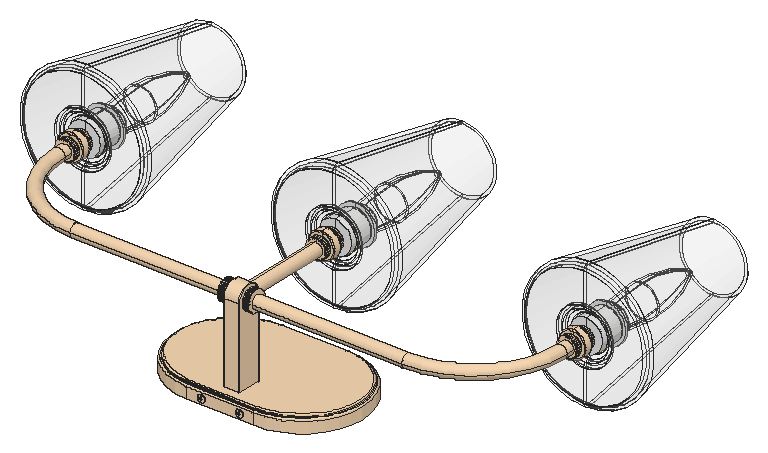
Revit family "Light_Fixture-Wall_Sconce-KOHLER-McGee-K-32257", category Lighting Fixtures, host Face, Revit 2021 (continued)
Definition of nested family "K-32257_Handle"
  Forms (in)
    Extrusion 25, solid, material <- "Material", detail levels medium+fine
      sketch origin (0, 9.52601, 0) x (0, -1, 0) y (0, 0, -1)
        loop
          arc (6.89368, -3.78646) -> (6.89859, -3.80276) -> (6.9042, -3.81884) r 0.3937
          line (6.9042, -3.81884) -> (6.94559, -3.82688) -> (6.92388, -3.86303)
          arc (6.92388, -3.86303) -> (6.93207, -3.87795) -> (6.9409, -3.89251) r 0.3937
          line (6.9409, -3.89251) -> (6.98306, -3.89177) -> (6.96933, -3.93164)
          arc (6.96933, -3.93164) -> (6.98045, -3.94454) -> (6.99211, -3.95694) r 0.3937
          line (6.99211, -3.95694) -> (7.03319, -3.94746) -> (7.02806, -3.98931)
          arc (7.02806, -3.98931) -> (7.04161, -3.99961) -> (7.0556, -4.00932) r 0.3937
          line (7.0556, -4.00932) -> (7.09381, -3.9915) -> (7.09749, -4.03351)
          arc (7.09749, -4.03351) -> (7.11289, -4.04077) -> (7.12859, -4.04735) r 0.3937
          line (7.12859, -4.04735) -> (7.16227, -4.02198) -> (7.17459, -4.0623)
          arc (7.17459, -4.0623) -> (7.19117, -4.0662) -> (7.2079, -4.06938) r 0.3937
          line (7.2079, -4.06938) -> (7.23556, -4.03756) -> (7.256, -4.07443)
          arc (7.256, -4.07443) -> (7.27302, -4.0748) -> (7.29005, -4.07443) r 0.3937
          line (7.29005, -4.07443) -> (7.31049, -4.03756) -> (7.33815, -4.06938)
          arc (7.33815, -4.06938) -> (7.35488, -4.0662) -> (7.37145, -4.0623) r 0.3937
          line (7.37145, -4.0623) -> (7.38378, -4.02198) -> (7.41745, -4.04735)
          arc (7.41745, -4.04735) -> (7.43316, -4.04077) -> (7.44856, -4.03351) r 0.3937
          line (7.44856, -4.03351) -> (7.45223, -3.9915) -> (7.49045, -4.00932)
          arc (7.49045, -4.00932) -> (7.50443, -3.99961) -> (7.51799, -3.98931) r 0.3937
          line (7.51799, -3.98931) -> (7.51285, -3.94746) -> (7.55394, -3.95694)
          arc (7.55394, -3.95694) -> (7.5656, -3.94454) -> (7.57672, -3.93164) r 0.3937
          line (7.57672, -3.93164) -> (7.56299, -3.89177) -> (7.60515, -3.89251)
          arc (7.60515, -3.89251) -> (7.61398, -3.87795) -> (7.62217, -3.86303) r 0.3937
          line (7.62217, -3.86303) -> (7.60045, -3.82688) -> (7.64184, -3.81884)
          arc (7.64184, -3.81884) -> (7.64745, -3.80276) -> (7.65236, -3.78646) r 0.3937
          line (7.65236, -3.78646) -> (7.62361, -3.75562) -> (7.66242, -3.73915)
          arc (7.66242, -3.73915) -> (7.66457, -3.72226) -> (7.66598, -3.70529) r 0.3937
      from 3.85884 to 3.67753
    Revolve 26, solid, material <- "Material", detail levels medium+fine
      sketch origin (0, 2.25299, 0) x (-1, 0, 0) y (0, 0, 1)
        loop
          line (-3.93758, 3.6811) -> (-0.26032, 3.6811) -> (-0.26032, 3.92855) -> (-3.93758, 3.92855) -> (-3.93758, 3.6811)
        axis (-3.93758, 3.6811) -> (-0.26032, 3.6811)
      angle from 0 to 360
    Revolve 27, solid, material <- "Material", detail levels coarse
      sketch origin (0, 2.25299, 0) x (-1, 0, 0) y (0, 0, 1)
        loop
          line (-0.02369, 3.6811) -> (-0.02369, 3.92891) -> (-4.31492, 3.92891) -> (-4.31492, 3.6811) -> (-0.02369, 3.6811)
        axis (-4.31492, 3.6811) -> (-0.02369, 3.6811)
      angle from 0 to 360
    Revolve 28, solid, material <- "Material", detail levels coarse
      sketch origin (0, 2.25299, 0) x (-1, 0, 0) y (0, 0, 1)
        loop
          line (-3.67753, 3.68447) -> (-3.67753, 4.19351) -> (-4.51179, 4.19351) -> (-4.51179, 3.68447) -> (-3.67753, 3.68447)
        axis (-3.67753, 3.68447) -> (-4.51179, 3.68447)
      angle from 0 to 360
    Revolve 29, solid, material <- "Material", detail levels coarse
      sketch origin (0, -7.60903, 0) x (-1, 0, 0) y (0, 0, 1)
        loop
          line (-3.67753, 3.68447) -> (-3.67753, 4.19351) -> (-4.51179, 4.19351) -> (-4.51179, 3.68447) -> (-3.67753, 3.68447)
        axis (-3.67753, 3.68447) -> (-4.51179, 3.68447)
      angle from 0 to 360
    Revolve 30, solid, material <- "Material", detail levels coarse
      sketch origin (0, 12.1139, 0) x (-1, 0, 0) y (0, 0, 1)
        loop
          line (-3.67753, 3.68447) -> (-3.67753, 4.19351) -> (-4.51179, 4.19351) -> (-4.51179, 3.68447) -> (-3.67753, 3.68447)
        axis (-3.67753, 3.68447) -> (-4.51179, 3.68447)
      angle from 0 to 360
    Revolve 31, solid, material <- "Material", detail levels coarse
      sketch origin (0, 0, 0) x (0, 1, 0) y (0, 0, 1)
        loop
          line (1.8816, 3.70121) -> (1.8816, 4.07743) -> (1.64723, 4.07743) -> (1.64723, 3.70121) -> (1.8816, 3.70121)
        axis (1.8816, 3.70121) -> (1.64723, 3.70121)
      angle from 0 to 360
    Revolve 32, solid, material <- "Material", detail levels coarse
      sketch origin (0, 0.98396, 0) x (0, 1, 0) y (0, 0, 1)
        loop
          line (1.8816, 3.70121) -> (1.8816, 4.07743) -> (1.64723, 4.07743) -> (1.64723, 3.70121) -> (1.8816, 3.70121)
        axis (1.8816, 3.70121) -> (1.64723, 3.70121)
      angle from 0 to 360
  Cuts and joins
    Extrusion 7, Extrusion 9, Extrusion 10, Extrusion 11 cuts Sweep 1
    Extrusion 7, Extrusion 9, Extrusion 10, Extrusion 11 cuts Extrusion 2
    joined: Sweep 1, Extrusion 2, Extrusion 5, Extrusion 6, Sweep 12, Revolve 13, Extrusion 14, Extrusion 15, Revolve 16, Extrusion 17, Extrusion 18, Revolve 23, Extrusion 24, Extrusion 25, Revolve 26
    Extrusion 7 cuts Revolve 3
    joined: Sweep 4, Extrusion 19
    joined: Extrusion 20, Extrusion 21, Sweep 22, Revolve 27, Revolve 28, Revolve 29, Revolve 30, Revolve 31, Revolve 32
  Lines and regions (in)
    Masking region 1
      outline origin (0, 0, 0) x (0, 1, 0) y (0, 0, 1)
        loop
          line (5.94375, 0) -> (5.94375, 0.43182)
          arc (5.94375, 0.43182) -> (5.92594, 0.47482) -> (5.88294, 0.49263) r 0.06081
          line (5.88294, 0.49263) -> (5.84546, 0.49263)
          arc (5.84546, 0.49263) -> (5.83153, 0.4984) -> (5.82576, 0.51233) r 0.0197
          line (5.82576, 0.51233) -> (5.82576, 0.5439)
          arc (5.82576, 0.5439) -> (5.8121, 0.57689) -> (5.77911, 0.59055) r 0.04665
          line (5.77911, 0.59055) -> (2.55086, 0.59055) -> (2.55086, 3.34036) -> (2.62956, 3.34036) -> (2.62956, 3.29151) -> (2.86582, 3.29151) -> (2.86582, 3.44028) -> (11.66278, 3.44028)
          arc (11.66278, 3.44028) -> (12.62687, 3.68447) -> (11.66278, 3.92866) r 0.51297
          line (11.66278, 3.92866) -> (2.86582, 3.92866) -> (2.86582, 4.07743) -> (2.62956, 4.07743) -> (2.62956, 4.02857) -> (2.55086, 4.02857) -> (2.55086, 4.19351) -> (2.25558, 4.19351) -> (1.96031, 4.19351) -> (1.96031, 4.02857) -> (1.8816, 4.02857) -> (1.8816, 4.07743) -> (1.64585, 4.07743) -> (1.64585, 3.92866) -> (-7.1579, 3.92866)
          arc (-7.1579, 3.92866) -> (-8.122, 3.68447) -> (-7.1579, 3.44028) r 0.51297
          line (-7.1579, 3.44028) -> (1.64585, 3.44028) -> (1.64585, 3.29151) -> (1.8816, 3.29151) -> (1.8816, 3.34036) -> (1.96031, 3.34036) -> (1.96031, 0.59055) -> (-0.76867, 0.59055) -> (-1.27313, 0.59055)
          arc (-1.27313, 0.59055) -> (-1.30611, 0.57689) -> (-1.31978, 0.5439) r 0.04665
          line (-1.31978, 0.5439) -> (-1.31978, 0.51233)
          arc (-1.31978, 0.51233) -> (-1.32555, 0.4984) -> (-1.33948, 0.49263) r 0.0197
          line (-1.33948, 0.49263) -> (-1.37695, 0.49263)
          arc (-1.37695, 0.49263) -> (-1.41995, 0.47482) -> (-1.43777, 0.43182) r 0.06081
          line (-1.43777, 0.43182) -> (-1.43777, 0) -> (2.25299, 0) -> (5.94375, 0)
    Masking region 2
      outline origin (0, 0, 0) x (1, 0, 0) y (0, 0, 1)
        loop
          line (3.75984, 0) -> (3.75984, 0.4327)
          arc (3.75984, 0.4327) -> (3.74211, 0.4755) -> (3.6993, 0.49324) r 0.06054
          line (3.6993, 0.49324) -> (3.66218, 0.49324)
          arc (3.66218, 0.49324) -> (3.6477, 0.49923) -> (3.64171, 0.51371) r 0.02047
          line (3.64171, 0.51371) -> (3.64171, 0.54444)
          arc (3.64171, 0.54444) -> (3.6281, 0.5773) -> (3.59524, 0.59091) r 0.04647
          line (3.59524, 0.59091) -> (0.49213, 0.59091) -> (0.49213, 3.44023) -> (3.67753, 3.44023) -> (3.67753, 3.29413) -> (3.85884, 3.29413) -> (3.85884, 3.34343) -> (3.93758, 3.34343) -> (3.93758, 3.19661)
          arc (3.93758, 3.19661) -> (3.94379, 3.18163) -> (3.95877, 3.17543) r 0.02118
          line (3.95877, 3.17543) -> (4.23073, 3.17543)
          arc (4.23073, 3.17543) -> (4.24533, 3.18147) -> (4.25138, 3.19607) r 0.02065
          line (4.25138, 3.19607) -> (4.25138, 3.34343) -> (4.33025, 3.34343) -> (4.33025, 3.29413) -> (4.51197, 3.29413) -> (4.51197, 3.68447) -> (4.51197, 4.0748) -> (4.33025, 4.0748) -> (4.33025, 4.02551) -> (4.25138, 4.02551) -> (4.25138, 4.17286)
          arc (4.25138, 4.17286) -> (4.24533, 4.18746) -> (4.23073, 4.19351) r 0.02065
          line (4.23073, 4.19351) -> (3.95877, 4.19351)
          arc (3.95877, 4.19351) -> (3.94379, 4.18731) -> (3.93758, 4.17233) r 0.02118
          line (3.93758, 4.17233) -> (3.93758, 4.02551) -> (3.85884, 4.02551) -> (3.85884, 4.0748) -> (3.67753, 4.0748) -> (3.67753, 3.9287) -> (0.42819, 3.9287)
          arc (0.42819, 3.9287) -> (-0.11931, 4.18024) -> (-0.49213, 3.70691) r 0.48688
          line (-0.49213, 3.70691) -> (-0.49213, 0.59091) -> (-0.83933, 0.59091)
          arc (-0.83933, 0.59091) -> (-0.87219, 0.5773) -> (-0.8858, 0.54444) r 0.04647
          line (-0.8858, 0.54444) -> (-0.8858, 0.51371)
          arc (-0.8858, 0.51371) -> (-0.8918, 0.49923) -> (-0.90628, 0.49324) r 0.02047
          line (-0.90628, 0.49324) -> (-0.9434, 0.49324)
          arc (-0.9434, 0.49324) -> (-0.98621, 0.4755) -> (-1.00394, 0.4327) r 0.06054
          line (-1.00394, 0.4327) -> (-1.00394, 0) -> (0, 0) -> (3.75984, 0)
    Masking region 3
      outline origin (1.37795, 2.25299, 0) x (1, 0, 0) y (0, 1, 0)
        loop
          arc (2.38189, 1.30887) -> (1.2208, 3.35412) -> (-1.13048, 3.40539) r 2.38189
          line (-1.13048, 3.40539) -> (-1.13048, 6.42464)
          arc (-1.13048, 6.42464) -> (-0.19651, 8.67945) -> (2.0583, 9.61343) r 3.18878
          line (2.0583, 9.61343) -> (2.29958, 9.61343) -> (2.29958, 9.46802) -> (2.48089, 9.46802) -> (2.48089, 9.51639) -> (2.55911, 9.51639) -> (2.55911, 9.3679)
          arc (2.55911, 9.3679) -> (2.56491, 9.35391) -> (2.5789, 9.34811) r 0.01979
          line (2.5789, 9.34811) -> (2.85232, 9.34811)
          arc (2.85232, 9.34811) -> (2.86731, 9.35432) -> (2.87351, 9.36931) r 0.0212
          line (2.87351, 9.36931) -> (2.87351, 9.51657) -> (2.95229, 9.51657) -> (2.95229, 9.46802) -> (3.13383, 9.46802) -> (3.13383, 10.25468) -> (2.95229, 10.25468) -> (2.95229, 10.20525) -> (2.8739, 10.20525) -> (2.8739, 10.35238)
          arc (2.8739, 10.35238) -> (2.86809, 10.3664) -> (2.85408, 10.3722) r 0.01982
          line (2.85408, 10.3722) -> (2.57933, 10.3722)
          arc (2.57933, 10.3722) -> (2.56503, 10.36628) -> (2.55911, 10.35198) r 0.02022
          line (2.55911, 10.35198) -> (2.55911, 10.20615) -> (2.48089, 10.20615) -> (2.48089, 10.25468) -> (2.29958, 10.25468) -> (2.29958, 10.10853) -> (2.01435, 10.10853)
          arc (2.01435, 10.10853) -> (-0.55936, 9.04247) -> (-1.62542, 6.46875) r 3.63978
          line (-1.62542, 6.46875) -> (-1.62542, 3.04996)
          arc (-1.62542, 3.04996) -> (-2.1846, 2.25803) -> (-2.38189, 1.30887) r 2.38189
          line (-2.38189, 1.30887) -> (-2.38189, -1.30842)
          arc (-2.38189, -1.30842) -> (-2.1846, -2.25758) -> (-1.62542, -3.04951) r 2.38189
          line (-1.62542, -3.04951) -> (-1.62542, -6.46875)
          arc (-1.62542, -6.46875) -> (-0.55936, -9.04247) -> (2.01435, -10.10853) r 3.63978
          line (2.01435, -10.10853) -> (2.29958, -10.10853) -> (2.29958, -10.25468) -> (2.48089, -10.25468) -> (2.48089, -10.20615) -> (2.55911, -10.20615) -> (2.55911, -10.35198)
          arc (2.55911, -10.35198) -> (2.56503, -10.36628) -> (2.57933, -10.3722) r 0.02022
          line (2.57933, -10.3722) -> (2.85408, -10.3722)
          arc (2.85408, -10.3722) -> (2.86809, -10.3664) -> (2.8739, -10.35238) r 0.01982
          line (2.8739, -10.35238) -> (2.8739, -10.20525) -> (2.95229, -10.20525) -> (2.95229, -10.25468) -> (3.13383, -10.25468) -> (3.13383, -9.46802) -> (2.95229, -9.46802) -> (2.95229, -9.51657) -> (2.87351, -9.51657) -> (2.87351, -9.36931)
          arc (2.87351, -9.36931) -> (2.86731, -9.35432) -> (2.85232, -9.34811) r 0.0212
          line (2.85232, -9.34811) -> (2.5789, -9.34811)
          arc (2.5789, -9.34811) -> (2.56491, -9.35391) -> (2.55911, -9.3679) r 0.01979
          line (2.55911, -9.3679) -> (2.55911, -9.51639) -> (2.48089, -9.51639) -> (2.48089, -9.46802) -> (2.29958, -9.46802) -> (2.29958, -9.61343) -> (2.0583, -9.61343)
          arc (2.0583, -9.61343) -> (-0.19651, -8.67945) -> (-1.13048, -6.42464) r 3.18878
          line (-1.13048, -6.42464) -> (-1.13048, -3.40494)
          arc (-1.13048, -3.40494) -> (1.2208, -3.35367) -> (2.38189, -1.30842) r 2.38189
          line (2.38189, -1.30842) -> (2.38189, -0.39266) -> (2.48089, -0.39266) -> (2.48089, -0.34413) -> (2.55911, -0.34413) -> (2.55911, -0.48997)
          arc (2.55911, -0.48997) -> (2.56503, -0.50426) -> (2.57933, -0.51018) r 0.02022
          line (2.57933, -0.51018) -> (2.85408, -0.51018)
          arc (2.85408, -0.51018) -> (2.86809, -0.50438) -> (2.8739, -0.49036) r 0.01982
          line (2.8739, -0.49036) -> (2.8739, -0.34323) -> (2.95229, -0.34323) -> (2.95229, -0.39266) -> (3.13383, -0.39266) -> (3.13383, 0.394) -> (2.95229, 0.394) -> (2.95229, 0.34545) -> (2.87351, 0.34545) -> (2.87351, 0.49271)
          arc (2.87351, 0.49271) -> (2.86731, 0.5077) -> (2.85232, 0.51391) r 0.0212
          line (2.85232, 0.51391) -> (2.5789, 0.51391)
          arc (2.5789, 0.51391) -> (2.56491, 0.50811) -> (2.55911, 0.49412) r 0.01979
          line (2.55911, 0.49412) -> (2.55911, 0.34563) -> (2.48089, 0.34563) -> (2.48089, 0.394) -> (2.38189, 0.394) -> (2.38189, 1.30887)
    symbolic lines, detail levels medium+fine
      curve 1: line (0, 1.64533, 3.92944) -> (0, 1.64533, 3.40356)
      curve 2: line (0, 1.8816, 3.31565) -> (0, 1.8816, 4.03362)
      curve 3: line (0, 1.96031, 4.02857) -> (0, 1.96031, 3.34036)
      curve 4: line (0, 2.62956, 4.03362) -> (0, 2.62956, 3.31565)
      curve 5: line (0, 2.55086, 3.34036) -> (0, 2.55086, 4.02857)
      curve 6: line (0, 2.54827, 0.59055) -> (0, 1.96031, 0.59055)
      curve 7: line (0, 5.84749, 0.49263) -> (0, -1.33948, 0.49263)
      curve 8: line (0, 2.86582, 4.03362) -> (0, 2.62956, 4.03362)
      curve 9: line (0, 2.86582, 4.01659) -> (0, 2.62956, 4.01659)
      curve 10: line (0, 2.86582, 3.96538) -> (0, 2.62956, 3.96538)
      curve 11: line (0, 2.86582, 3.92944) -> (0, 2.62956, 3.92944)
      curve 12: line (0, 2.86582, 3.90189) -> (0, 2.62956, 3.90189)
      curve 13: line (0, 2.86582, 3.86) -> (0, 2.62956, 3.86)
      curve 14: line (0, 2.86582, 3.8289) -> (0, 2.62956, 3.8289)
      curve 15: line (0, 2.86582, 3.7829) -> (0, 2.62956, 3.7829)
      curve 16: line (0, 2.86582, 3.7496) -> (0, 2.62956, 3.7496)
      curve 17: line (0, 2.86582, 3.70149) -> (0, 2.62956, 3.70149)
      curve 18: line (0, 2.86582, 3.72193) -> (0, 2.62956, 3.72193)
      curve 19: line (0, 2.86582, 3.79523) -> (0, 2.62956, 3.79523)
      curve 20: line (0, 2.86582, 3.98816) -> (0, 2.62956, 3.98816)
      curve 21: line (0, 2.86582, 4.05329) -> (0, 2.62956, 4.05329)
      curve 22: line (0, 2.86582, 3.33532) -> (0, 2.62956, 3.33532)
      curve 23: line (0, 2.86582, 3.35234) -> (0, 2.62956, 3.35234)
      curve 24: line (0, 2.86582, 3.40356) -> (0, 2.62956, 3.40356)
      curve 25: line (0, 2.86582, 3.4395) -> (0, 2.62956, 3.4395)
      curve 26: line (0, 2.86582, 3.46705) -> (0, 2.62956, 3.46705)
      curve 27: line (0, 2.86582, 3.50893) -> (0, 2.62956, 3.50893)
      curve 28: line (0, 2.86582, 3.54004) -> (0, 2.62956, 3.54004)
      curve 29: line (0, 2.86582, 3.58604) -> (0, 2.62956, 3.58604)
      curve 30: line (0, 2.86582, 3.61934) -> (0, 2.62956, 3.61934)
      curve 31: line (0, 2.86582, 3.66745) -> (0, 2.62956, 3.66745)
      curve 32: line (0, 2.86582, 3.647) -> (0, 2.62956, 3.647)
      curve 33: line (0, 2.86582, 3.57371) -> (0, 2.62956, 3.57371)
      curve 34: line (0, 2.86582, 3.38077) -> (0, 2.62956, 3.38077)
      curve 35: line (0, 2.86582, 3.31565) -> (0, 2.62956, 3.31565)
      curve 36: line (0, 2.86582, 4.06381) -> (0, 2.62956, 4.06381)
      curve 37: line (0, 1.8816, 4.03362) -> (0, 1.8816, 3.31565)
      curve 38: line (0, 1.64534, 4.03362) -> (0, 1.8816, 4.03362)
      curve 39: line (0, 1.64534, 4.01659) -> (0, 1.8816, 4.01659)
      curve 40: line (0, 1.64534, 3.96538) -> (0, 1.8816, 3.96538)
      curve 41: line (0, 1.64533, 3.92944) -> (0, 1.8816, 3.92944)
      curve 42: line (0, 1.64534, 3.90189) -> (0, 1.8816, 3.90189)
      curve 43: line (0, 1.64533, 3.86) -> (0, 1.8816, 3.86)
      curve 44: line (0, 1.64533, 3.8289) -> (0, 1.8816, 3.8289)
      curve 45: line (0, 1.64533, 3.7829) -> (0, 1.8816, 3.7829)
      curve 46: line (0, 1.64533, 3.7496) -> (0, 1.8816, 3.7496)
      curve 47: line (0, 1.64533, 3.70149) -> (0, 1.8816, 3.70149)
      curve 48: line (0, 1.64533, 3.72193) -> (0, 1.8816, 3.72193)
      curve 49: line (0, 1.64533, 3.79523) -> (0, 1.8816, 3.79523)
      curve 50: line (0, 1.64534, 3.98816) -> (0, 1.8816, 3.98816)
      curve 51: line (0, 1.64534, 4.05329) -> (0, 1.8816, 4.05329)
      curve 52: line (0, 1.64534, 3.33532) -> (0, 1.8816, 3.33532)
      curve 53: line (0, 1.64534, 3.35234) -> (0, 1.8816, 3.35234)
      curve 54: line (0, 1.64533, 3.40356) -> (0, 1.8816, 3.40356)
      curve 55: line (0, 1.64533, 3.4395) -> (0, 1.8816, 3.4395)
      curve 56: line (0, 1.64533, 3.46705) -> (0, 1.8816, 3.46705)
      curve 57: line (0, 1.64533, 3.50893) -> (0, 1.8816, 3.50893)
      curve 58: line (0, 1.64533, 3.54004) -> (0, 1.8816, 3.54004)
      curve 59: line (0, 1.64533, 3.58604) -> (0, 1.8816, 3.58604)
      curve 60: line (0, 1.64533, 3.61934) -> (0, 1.8816, 3.61934)
      curve 61: line (0, 1.64533, 3.66745) -> (0, 1.8816, 3.66745)
      curve 62: line (0, 1.64533, 3.647) -> (0, 1.8816, 3.647)
      curve 63: line (0, 1.64533, 3.57371) -> (0, 1.8816, 3.57371)
      curve 64: line (0, 1.64534, 3.38077) -> (0, 1.8816, 3.38077)
      curve 65: line (0, 1.64534, 3.31565) -> (0, 1.8816, 3.31565)
      curve 66: line (0, 1.64534, 4.06381) -> (0, 1.8816, 4.06381)
      curve 67: line (0.49213, 0, 0.59091) -> (-0.49213, 0, 0.59091)
      curve 68: line (3.6993, 0, 0.49324) -> (-0.9434, 0, 0.49324)
      curve 69: arc (0.13774, 0, 4.05329) -> (0.12166, 0, 4.0589) -> (0.10536, 0, 4.06381) r 0.3937
      curve 70: line (0.10536, 0, 4.06381) -> (0.07452, 0, 4.03505)
      curve 71: line (0.07452, 0, 4.03505) -> (0.05804, 0, 4.07387)
      curve 72: arc (0.05804, 0, 4.07387) -> (0.04115, 0, 4.07601) -> (0.02418, 0, 4.07743) r 0.3937
      curve 73: line (0.02418, 0, 4.07743) -> (0, 0, 4.04289)
      curve 74: line (0, 0, 4.04289) -> (-0.02418, 0, 4.07743)
      curve 75: line (-0.05804, 0, 4.07387) -> (-0.07452, 0, 4.03505)
      curve 76: arc (-0.02418, 0, 4.07743) -> (-0.04115, 0, 4.07601) -> (-0.05804, 0, 4.07387) r 0.3937
      curve 77: line (-0.07452, 0, 4.03505) -> (-0.10536, 0, 4.06381)
      curve 78: arc (-0.10536, 0, 4.06381) -> (-0.12166, 0, 4.0589) -> (-0.13774, 0, 4.05329) r 0.3937
      curve 79: line (-0.13774, 0, 4.05329) -> (-0.14578, 0, 4.0119)
      curve 80: line (-0.14578, 0, 4.0119) -> (-0.18192, 0, 4.03362)
      curve 81: arc (-0.18192, 0, 4.03362) -> (-0.19685, 0, 4.02542) -> (-0.21141, 0, 4.01659) r 0.3937
      curve 82: line (-0.21141, 0, 4.01659) -> (-0.21067, 0, 3.97443)
      curve 83: line (-0.21067, 0, 3.97443) -> (-0.25054, 0, 3.98816)
      curve 84: arc (-0.25054, 0, 3.98816) -> (-0.26344, 0, 3.97705) -> (-0.27584, 0, 3.96538) r 0.3937
      curve 85: line (-0.27584, 0, 3.96538) -> (-0.26636, 0, 3.9243)
      curve 86: line (-0.26636, 0, 3.9243) -> (-0.30821, 0, 3.92944)
      curve 87: arc (-0.30821, 0, 3.92944) -> (-0.31851, 0, 3.91588) -> (-0.32822, 0, 3.90189) r 0.3937
      curve 88: line (-0.32822, 0, 3.90189) -> (-0.3104, 0, 3.86368)
      curve 89: line (-0.3104, 0, 3.86368) -> (-0.3524, 0, 3.86)
      curve 90: arc (-0.3524, 0, 3.86) -> (-0.35966, 0, 3.8446) -> (-0.36625, 0, 3.8289) r 0.3937
      curve 91: line (-0.36625, 0, 3.8289) -> (-0.34088, 0, 3.79523)
      curve 92: line (-0.34088, 0, 3.79523) -> (-0.3812, 0, 3.7829)
      curve 93: arc (-0.3812, 0, 3.7829) -> (-0.3851, 0, 3.76632) -> (-0.38828, 0, 3.7496) r 0.3937
      curve 94: line (-0.38828, 0, 3.7496) -> (-0.35645, 0, 3.72193)
      curve 95: line (-0.35645, 0, 3.72193) -> (-0.39333, 0, 3.70149)
      curve 96: arc (-0.39333, 0, 3.70149) -> (-0.3937, 0, 3.68447) -> (-0.39333, 0, 3.66745) r 0.3937
      curve 97: line (-0.39333, 0, 3.66745) -> (-0.35645, 0, 3.647)
      curve 98: line (-0.35645, 0, 3.647) -> (-0.38828, 0, 3.61934)
      curve 99: arc (-0.38828, 0, 3.61934) -> (-0.3851, 0, 3.60261) -> (-0.3812, 0, 3.58604) r 0.3937
      curve 100: line (-0.3812, 0, 3.58604) -> (-0.34088, 0, 3.57371)
      curve 101: line (-0.34088, 0, 3.57371) -> (-0.36625, 0, 3.54004)
      curve 102: arc (-0.36625, 0, 3.54004) -> (-0.35966, 0, 3.52434) -> (-0.3524, 0, 3.50893) r 0.3937
      curve 103: line (-0.3524, 0, 3.50893) -> (-0.3104, 0, 3.50526)
      curve 104: line (-0.3104, 0, 3.50526) -> (-0.32822, 0, 3.46705)
      curve 105: arc (-0.32822, 0, 3.46705) -> (-0.31851, 0, 3.45306) -> (-0.30821, 0, 3.4395) r 0.3937
      curve 106: line (-0.30821, 0, 3.4395) -> (-0.26636, 0, 3.44464)
      curve 107: line (-0.26636, 0, 3.44464) -> (-0.27584, 0, 3.40356)
      curve 108: arc (-0.27584, 0, 3.40356) -> (-0.26344, 0, 3.39189) -> (-0.25054, 0, 3.38077) r 0.3937
      curve 109: line (-0.25054, 0, 3.38077) -> (-0.21067, 0, 3.3945)
      curve 110: line (-0.21067, 0, 3.3945) -> (-0.21141, 0, 3.35234)
      curve 111: arc (-0.21141, 0, 3.35234) -> (-0.19685, 0, 3.34351) -> (-0.18192, 0, 3.33532) r 0.3937
      curve 112: line (-0.18192, 0, 3.33532) -> (-0.14578, 0, 3.35704)
      curve 113: line (-0.14578, 0, 3.35704) -> (-0.13774, 0, 3.31565)
      curve 114: arc (-0.13774, 0, 3.31565) -> (-0.12166, 0, 3.31004) -> (-0.10536, 0, 3.30513) r 0.3937
      curve 115: line (-0.10536, 0, 3.30513) -> (-0.07452, 0, 3.33388)
      curve 116: line (-0.07452, 0, 3.33388) -> (-0.05804, 0, 3.29507)
      curve 117: arc (-0.05804, 0, 3.29507) -> (-0.04115, 0, 3.29292) -> (-0.02418, 0, 3.29151) r 0.3937
      curve 118: line (-0.02418, 0, 3.29151) -> (0, 0, 3.32605)
      curve 119: line (0, 0, 3.32605) -> (0.02418, 0, 3.29151)
      curve 120: arc (0.02418, 0, 3.29151) -> (0.04115, 0, 3.29292) -> (0.05804, 0, 3.29507) r 0.3937
      curve 121: line (0.05804, 0, 3.29507) -> (0.07452, 0, 3.33388)
      curve 122: line (0.07452, 0, 3.33388) -> (0.10536, 0, 3.30513)
      curve 123: line (0.13774, 0, 3.31565) -> (0.14578, 0, 3.35704)
      curve 124: arc (0.10536, 0, 3.30513) -> (0.12166, 0, 3.31004) -> (0.13774, 0, 3.31565) r 0.3937
      curve 125: line (0.14578, 0, 3.35704) -> (0.18192, 0, 3.33532)
      curve 126: arc (0.18192, 0, 3.33532) -> (0.19685, 0, 3.34351) -> (0.21141, 0, 3.35234) r 0.3937
      curve 127: line (0.21141, 0, 3.35234) -> (0.21067, 0, 3.3945)
      curve 128: line (0.21067, 0, 3.3945) -> (0.25054, 0, 3.38077)
      curve 129: arc (0.25054, 0, 3.38077) -> (0.26344, 0, 3.39189) -> (0.27584, 0, 3.40356) r 0.3937
      curve 130: line (0.27584, 0, 3.40356) -> (0.26636, 0, 3.44464)
      curve 131: line (0.14578, 0, 4.0119) -> (0.13774, 0, 4.05329)
      curve 132: line (0.18192, 0, 4.03362) -> (0.14578, 0, 4.0119)
      curve 133: arc (0.21141, 0, 4.01659) -> (0.19685, 0, 4.02542) -> (0.18192, 0, 4.03362) r 0.3937
      curve 134: line (0.21067, 0, 3.97443) -> (0.21141, 0, 4.01659)
      curve 135: line (0.25054, 0, 3.98816) -> (0.21067, 0, 3.97443)
      curve 136: arc (0.2752, 0, 3.96601) -> (0.2631, 0, 3.97735) -> (0.25054, 0, 3.98816) r 0.3937
      curve 137: arc (3.56299, 3.56186, 0) -> (2.45132, 5.46509, 0) -> (0.24747, 5.43173, 0) r 2.18504
      curve 138: line (-0.80709, 3.56186, 0) -> (-0.80709, 0.94457, 0)
      curve 139: arc (-0.80709, 0.94457, 0) -> (-0.66235, 0.16254, 0) -> (-0.2473, -0.51589, 0) r 2.18504
      curve 140: line (3.56299, 0.94457, 0) -> (3.56299, 1.99262, 0)
      curve 141: line (-0.49213, 1.95772, 0) -> (0.49213, 1.95772, 0)
      curve 142: line (-0.24747, -0.79652, 0) -> (-0.24596, 1.64274, 0)
      curve 143: line (0.24747, -1.15195, 0) -> (0.24596, 1.64274, 0)
      curve 144: line (-0.3937, 1.64274, 0) -> (0.39333, 1.64274, 0)
      curve 145: line (0.39333, 1.87901, 0) -> (-0.3937, 1.87901, 0)
      curve 146: line (-0.3937, 1.87901, 0) -> (-0.3937, 1.64274, 0)
      curve 147: line (0.39333, 1.87901, 0) -> (0.39333, 1.64274, 0)
      curve 148: line (-0.49213, 2.54827, 0) -> (0.49213, 2.54827, 0)
      curve 149: line (-0.49213, 2.54827, 0) -> (-0.49213, 1.95772, 0)
      curve 150: line (0.49213, 2.54827, 0) -> (0.49213, 1.95772, 0)
      curve 151: line (0.34459, 1.95772, 0) -> (0.34459, 1.87901, 0)
      curve 152: line (-0.34517, 1.95772, 0) -> (-0.34517, 1.87901, 0)
      curve 153: line (-0.3937, 2.86323, 0) -> (0.3937, 2.86323, 0)
      curve 154: line (0.3937, 2.62697, 0) -> (-0.3937, 2.62697, 0)
      curve 155: line (-0.3937, 2.62697, 0) -> (-0.3937, 2.86323, 0)
      curve 156: line (0.3937, 2.62697, 0) -> (0.3937, 2.86323, 0)
      curve 157: line (-0.34552, 2.54827, 0) -> (-0.34552, 2.62697, 0)
      curve 158: line (0.34288, 2.54827, 0) -> (0.34288, 2.62697, 0)
      curve 159: line (-0.3812, 2.86323, 0) -> (-0.3812, 2.62697, 0)
      curve 160: line (-0.36625, 2.86323, 0) -> (-0.36625, 2.62697, 0)
      curve 161: line (-0.3524, 2.86323, 0) -> (-0.3524, 2.62697, 0)
      curve 162: line (-0.32822, 2.86323, 0) -> (-0.32822, 2.62697, 0)
      curve 163: line (-0.30821, 2.86323, 0) -> (-0.30821, 2.62697, 0)
      curve 164: line (-0.27584, 2.86323, 0) -> (-0.27584, 2.62697, 0)
      curve 165: line (-0.25054, 2.86323, 0) -> (-0.25054, 2.62697, 0)
      curve 166: line (-0.21141, 2.86323, 0) -> (-0.21141, 2.62697, 0)
      curve 167: line (-0.18192, 2.86323, 0) -> (-0.18192, 2.62697, 0)
      curve 168: line (-0.14578, 2.86323, 0) -> (-0.14578, 2.62697, 0)
      curve 169: line (-0.13774, 2.86323, 0) -> (-0.13774, 2.62697, 0)
      curve 170: line (-0.10536, 2.86323, 0) -> (-0.10536, 2.62697, 0)
      curve 171: line (-0.07452, 2.86323, 0) -> (-0.07452, 2.62697, 0)
      curve 172: line (-0.05804, 2.62697, 0) -> (-0.05804, 2.86323, 0)
      curve 173: line (-0.02418, 2.86323, 0) -> (-0.02418, 2.62697, 0)
      curve 174: line (0.3937, 2.62697, 0) -> (0.3937, 2.86323, 0)
      curve 175: line (0.3812, 2.86323, 0) -> (0.3812, 2.62697, 0)
      curve 176: line (0.36625, 2.86323, 0) -> (0.36625, 2.62697, 0)
      curve 177: line (0.3524, 2.86323, 0) -> (0.3524, 2.62697, 0)
      curve 178: line (0.32822, 2.86323, 0) -> (0.32822, 2.62697, 0)
      curve 179: line (0.30821, 2.86323, 0) -> (0.30821, 2.62697, 0)
      curve 180: line (0.27584, 2.86323, 0) -> (0.27584, 2.62697, 0)
      curve 181: line (0.25054, 2.86323, 0) -> (0.25054, 2.62697, 0)
      curve 182: line (0.21141, 2.86323, 0) -> (0.21141, 2.62697, 0)
      curve 183: line (0.18192, 2.86323, 0) -> (0.18192, 2.62697, 0)
      curve 184: line (0.14578, 2.86323, 0) -> (0.14578, 2.62697, 0)
      curve 185: line (0.13774, 2.86323, 0) -> (0.13774, 2.62697, 0)
      curve 186: line (0.10536, 2.86323, 0) -> (0.10536, 2.62697, 0)
      curve 187: line (0.07452, 2.86323, 0) -> (0.07452, 2.62697, 0)
      curve 188: line (0.05804, 2.62697, 0) -> (0.05804, 2.86323, 0)
      curve 189: line (0.02418, 2.86323, 0) -> (0.02418, 2.62697, 0)
      curve 190: line (0, 2.86323, 0) -> (0, 2.62697, 0)
      curve 191: line (-0.3812, 1.87901, 0) -> (-0.3812, 1.64274, 0)
      curve 192: line (-0.36625, 1.87901, 0) -> (-0.36625, 1.64274, 0)
      curve 193: line (-0.3524, 1.87901, 0) -> (-0.3524, 1.64274, 0)
      curve 194: line (-0.32822, 1.87901, 0) -> (-0.32822, 1.64274, 0)
      curve 195: line (-0.30821, 1.87901, 0) -> (-0.30821, 1.64274, 0)
      curve 196: line (-0.27584, 1.87901, 0) -> (-0.27584, 1.64274, 0)
      curve 197: line (-0.25054, 1.87901, 0) -> (-0.25054, 1.64274, 0)
      curve 198: line (-0.21141, 1.87901, 0) -> (-0.21141, 1.64274, 0)
      curve 199: line (-0.18192, 1.87901, 0) -> (-0.18192, 1.64274, 0)
      curve 200: line (-0.14578, 1.87901, 0) -> (-0.14578, 1.64274, 0)
      curve 201: line (-0.13774, 1.87901, 0) -> (-0.13774, 1.64274, 0)
      curve 202: line (-0.10536, 1.87901, 0) -> (-0.10536, 1.64274, 0)
      curve 203: line (-0.07452, 1.87901, 0) -> (-0.07452, 1.64274, 0)
      curve 204: line (-0.05804, 1.64274, 0) -> (-0.05804, 1.87901, 0)
      curve 205: line (-0.02418, 1.87901, 0) -> (-0.02418, 1.64274, 0)
      curve 206: line (0, 1.87901, 0) -> (0, 1.64274, 0)
      curve 207: line (0.3812, 1.87901, 0) -> (0.3812, 1.64274, 0)
      curve 208: line (0.36625, 1.87901, 0) -> (0.36625, 1.64274, 0)
      curve 209: line (0.3524, 1.87901, 0) -> (0.3524, 1.64274, 0)
      curve 210: line (0.32822, 1.87901, 0) -> (0.32822, 1.64274, 0)
      curve 211: line (0.30821, 1.87901, 0) -> (0.30821, 1.64274, 0)
      curve 212: line (0.27584, 1.87901, 0) -> (0.27584, 1.64274, 0)
      curve 213: line (0.25054, 1.87901, 0) -> (0.25054, 1.64274, 0)
      curve 214: line (0.21141, 1.87901, 0) -> (0.21141, 1.64274, 0)
      curve 215: line (0.18192, 1.87901, 0) -> (0.18192, 1.64274, 0)
      curve 216: line (0.14578, 1.87901, 0) -> (0.14578, 1.64274, 0)
      curve 217: line (0.13774, 1.87901, 0) -> (0.13774, 1.64274, 0)
      curve 218: line (0.10536, 1.87901, 0) -> (0.10536, 1.64274, 0)
      curve 219: line (0.07452, 1.87901, 0) -> (0.07452, 1.64274, 0)
      curve 220: line (0.05804, 1.64274, 0) -> (0.05804, 1.87901, 0)
      curve 221: line (0.02418, 1.87901, 0) -> (0.02418, 1.64274, 0)
      curve 222: line (3.93706, 12.45915, 0) -> (3.93706, 11.76938, 0)
      curve 223: line (4.25185, 12.45824, 0) -> (4.25147, 11.76956, 0)
      curve 224: line (4.33025, 12.46312, 0) -> (4.33025, 11.76482, 0)
      curve 225: line (3.85884, 11.76482, 0) -> (3.85884, 12.46312, 0)
      curve 226: line (3.67753, 12.37434, 0) -> (3.67753, 11.8536, 0)
      curve 227: line (-0.24747, 2.86323, 0) -> (-0.24747, 5.30295, 0)
      curve 228: line (0.24747, 2.86323, 0) -> (0.24747, 5.65838, 0)
      curve 229: arc (-0.24747, 5.02213, 0) -> (-0.66239, 4.34378, 0) -> (-0.80709, 3.56186, 0) r 2.18504
      curve 230: line (3.67753, 12.48279, 0) -> (3.85884, 12.48279, 0)
      curve 231: line (3.67753, 12.46312, 0) -> (3.85884, 12.46312, 0)
      curve 232: line (3.67753, 12.4461, 0) -> (3.85884, 12.4461, 0)
      curve 233: line (3.67753, 12.41767, 0) -> (3.85884, 12.41767, 0)
      curve 234: line (3.67753, 12.39488, 0) -> (3.85884, 12.39488, 0)
      curve 235: line (3.67753, 12.35894, 0) -> (3.85884, 12.35894, 0)
      curve 236: line (3.67753, 12.33139, 0) -> (3.85884, 12.33139, 0)
      curve 237: line (3.67753, 12.29318, 0) -> (3.85884, 12.29318, 0)
      curve 238: line (3.67753, 12.2584, 0) -> (3.85884, 12.2584, 0)
      curve 239: line (3.67753, 12.22473, 0) -> (3.85884, 12.22473, 0)
      curve 240: line (3.67753, 12.2124, 0) -> (3.85884, 12.2124, 0)
      curve 241: line (3.67753, 12.1791, 0) -> (3.85884, 12.1791, 0)
      curve 242: line (3.67753, 12.15144, 0) -> (3.85884, 12.15144, 0)
      curve 243: line (3.67753, 12.13099, 0) -> (3.85884, 12.13099, 0)
      curve 244: line (3.67753, 12.09695, 0) -> (3.85884, 12.09695, 0)
      curve 245: line (3.67753, 12.07651, 0) -> (3.85884, 12.07651, 0)
      curve 246: line (3.67753, 12.04884, 0) -> (3.85884, 12.04884, 0)
      curve 247: line (3.67753, 12.01554, 0) -> (3.85884, 12.01554, 0)
      curve 248: line (3.67753, 12.00321, 0) -> (3.85884, 12.00321, 0)
      curve 249: line (3.67753, 11.96954, 0) -> (3.85884, 11.96954, 0)
      curve 250: line (3.67753, 11.93844, 0) -> (3.85884, 11.93844, 0)
      curve 251: line (3.67753, 11.89655, 0) -> (3.85884, 11.89655, 0)
      curve 252: line (3.67753, 11.869, 0) -> (3.85884, 11.869, 0)
      curve 253: line (3.67753, 11.83306, 0) -> (3.85884, 11.83306, 0)
      curve 254: line (3.67753, 11.81028, 0) -> (3.85884, 11.81028, 0)
      curve 255: line (3.67753, 11.78185, 0) -> (3.85884, 11.78185, 0)
      curve 256: line (3.67753, 11.76482, 0) -> (3.85884, 11.76482, 0)
      curve 257: line (3.67753, 11.74515, 0) -> (3.85884, 11.74515, 0)
      curve 258: line (4.51179, 12.37434, 0) -> (4.51179, 11.8536, 0)
      curve 259: line (4.51179, 12.48279, 0) -> (4.33047, 12.48279, 0)
      curve 260: line (4.51179, 12.46312, 0) -> (4.33025, 12.46312, 0)
      curve 261: line (4.51179, 12.4461, 0) -> (4.33025, 12.4461, 0)
      curve 262: line (4.51179, 12.41767, 0) -> (4.33025, 12.41767, 0)
      curve 263: line (4.51179, 12.39488, 0) -> (4.33025, 12.39488, 0)
      curve 264: line (4.51179, 12.35894, 0) -> (4.33025, 12.35894, 0)
      curve 265: line (4.51179, 12.33139, 0) -> (4.33025, 12.33139, 0)
      curve 266: line (4.51179, 12.29318, 0) -> (4.33025, 12.29318, 0)
      curve 267: line (4.51179, 12.2584, 0) -> (4.33025, 12.2584, 0)
      curve 268: line (4.51179, 12.22473, 0) -> (4.33025, 12.22473, 0)
      curve 269: line (4.51179, 12.2124, 0) -> (4.33025, 12.2124, 0)
      curve 270: line (4.51179, 12.1791, 0) -> (4.33025, 12.1791, 0)
      curve 271: line (4.51179, 12.15144, 0) -> (4.33025, 12.15144, 0)
      curve 272: line (4.51179, 12.13099, 0) -> (4.33025, 12.13099, 0)
      curve 273: line (4.51179, 12.09695, 0) -> (4.33025, 12.09695, 0)
      curve 274: line (4.51179, 12.07651, 0) -> (4.33025, 12.07651, 0)
      curve 275: line (4.51179, 12.04884, 0) -> (4.33025, 12.04884, 0)
      curve 276: line (4.51179, 12.01554, 0) -> (4.33025, 12.01554, 0)
      curve 277: line (4.51179, 12.00321, 0) -> (4.33025, 12.00321, 0)
      curve 278: line (4.51179, 11.96954, 0) -> (4.33025, 11.96954, 0)
      curve 279: line (4.51179, 11.93844, 0) -> (4.33025, 11.93844, 0)
      curve 280: line (4.51179, 11.89655, 0) -> (4.33025, 11.89655, 0)
      curve 281: line (4.51179, 11.869, 0) -> (4.33025, 11.869, 0)
      curve 282: line (4.51179, 11.83306, 0) -> (4.33025, 11.83306, 0)
      curve 283: line (4.51179, 11.81028, 0) -> (4.33025, 11.81028, 0)
      curve 284: line (4.51179, 11.78185, 0) -> (4.33025, 11.78185, 0)
      curve 285: line (4.51179, 11.76482, 0) -> (4.33025, 11.76482, 0)
      curve 286: line (4.51179, 11.74515, 0) -> (4.33047, 11.74515, 0)
      curve 287: line (3.93706, -7.9542, 0) -> (3.93706, -7.26444, 0)
      curve 288: line (4.25185, -7.95329, 0) -> (4.25147, -7.26462, 0)
      curve 289: line (4.33025, -7.95817, 0) -> (4.33025, -7.25988, 0)
      curve 290: line (3.85884, -7.25988, 0) -> (3.85884, -7.95817, 0)
      curve 291: line (3.67753, -7.8694, 0) -> (3.67753, -7.34866, 0)
      curve 292: line (3.67753, -7.97785, 0) -> (3.85884, -7.97785, 0)
      curve 293: line (3.67753, -7.95817, 0) -> (3.85884, -7.95817, 0)
      curve 294: line (3.67753, -7.94115, 0) -> (3.85884, -7.94115, 0)
      curve 295: line (3.67753, -7.91272, 0) -> (3.85884, -7.91272, 0)
      curve 296: line (3.67753, -7.88994, 0) -> (3.85884, -7.88994, 0)
      curve 297: line (3.67753, -7.85399, 0) -> (3.85884, -7.85399, 0)
      curve 298: line (3.67753, -7.82645, 0) -> (3.85884, -7.82645, 0)
      curve 299: line (3.67753, -7.78824, 0) -> (3.85884, -7.78824, 0)
      curve 300: line (3.67753, -7.75346, 0) -> (3.85884, -7.75346, 0)
      curve 301: line (3.67753, -7.71978, 0) -> (3.85884, -7.71978, 0)
      curve 302: line (3.67753, -7.70746, 0) -> (3.85884, -7.70746, 0)
      curve 303: line (3.67753, -7.67415, 0) -> (3.85884, -7.67415, 0)
      curve 304: line (3.67753, -7.64649, 0) -> (3.85884, -7.64649, 0)
      curve 305: line (3.67753, -7.62605, 0) -> (3.85884, -7.62605, 0)
      curve 306: line (3.67753, -7.592, 0) -> (3.85884, -7.592, 0)
      curve 307: line (3.67753, -7.57156, 0) -> (3.85884, -7.57156, 0)
      curve 308: line (3.67753, -7.5439, 0) -> (3.85884, -7.5439, 0)
      curve 309: line (3.67753, -7.5106, 0) -> (3.85884, -7.5106, 0)
      curve 310: line (3.67753, -7.49827, 0) -> (3.85884, -7.49827, 0)
      curve 311: line (3.67753, -7.4646, 0) -> (3.85884, -7.4646, 0)
      curve 312: line (3.67753, -7.43349, 0) -> (3.85884, -7.43349, 0)
      curve 313: line (3.67753, -7.3916, 0) -> (3.85884, -7.3916, 0)
      curve 314: line (3.67753, -7.36406, 0) -> (3.85884, -7.36406, 0)
      curve 315: line (3.67753, -7.32811, 0) -> (3.85884, -7.32811, 0)
      curve 316: line (3.67753, -7.30533, 0) -> (3.85884, -7.30533, 0)
      curve 317: line (3.67753, -7.2769, 0) -> (3.85884, -7.2769, 0)
      curve 318: line (3.67753, -7.25988, 0) -> (3.85884, -7.25988, 0)
      curve 319: line (3.67753, -7.24021, 0) -> (3.85884, -7.24021, 0)
      curve 320: line (4.51179, -7.8694, 0) -> (4.51179, -7.34866, 0)
      curve 321: line (4.51179, -7.97785, 0) -> (4.33047, -7.97785, 0)
      curve 322: line (4.51179, -7.95817, 0) -> (4.33025, -7.95817, 0)
      curve 323: line (4.51179, -7.94115, 0) -> (4.33025, -7.94115, 0)
      curve 324: line (4.51179, -7.91272, 0) -> (4.33025, -7.91272, 0)
      curve 325: line (4.51179, -7.88994, 0) -> (4.33025, -7.88994, 0)
      curve 326: line (4.51179, -7.85399, 0) -> (4.33025, -7.85399, 0)
      curve 327: line (4.51179, -7.82645, 0) -> (4.33025, -7.82645, 0)
      curve 328: line (4.51179, -7.78824, 0) -> (4.33025, -7.78824, 0)
      curve 329: line (4.51179, -7.75346, 0) -> (4.33025, -7.75346, 0)
      curve 330: line (4.51179, -7.71978, 0) -> (4.33025, -7.71978, 0)
      curve 331: line (4.51179, -7.70746, 0) -> (4.33025, -7.70746, 0)
      curve 332: line (4.51179, -7.67415, 0) -> (4.33025, -7.67415, 0)
      curve 333: line (4.51179, -7.64649, 0) -> (4.33025, -7.64649, 0)
      curve 334: line (4.51179, -7.62605, 0) -> (4.33025, -7.62605, 0)
      curve 335: line (4.51179, -7.592, 0) -> (4.33025, -7.592, 0)
      curve 336: line (4.51179, -7.57156, 0) -> (4.33025, -7.57156, 0)
      curve 337: line (4.51179, -7.5439, 0) -> (4.33025, -7.5439, 0)
      curve 338: line (4.51179, -7.5106, 0) -> (4.33025, -7.5106, 0)
      curve 339: line (4.51179, -7.49827, 0) -> (4.33025, -7.49827, 0)
      curve 340: line (4.51179, -7.4646, 0) -> (4.33025, -7.4646, 0)
      curve 341: line (4.51179, -7.43349, 0) -> (4.33025, -7.43349, 0)
      curve 342: line (4.51179, -7.3916, 0) -> (4.33025, -7.3916, 0)
      curve 343: line (4.51179, -7.36406, 0) -> (4.33025, -7.36406, 0)
      curve 344: line (4.51179, -7.32811, 0) -> (4.33025, -7.32811, 0)
      curve 345: line (4.51179, -7.30533, 0) -> (4.33025, -7.30533, 0)
      curve 346: line (4.51179, -7.2769, 0) -> (4.33025, -7.2769, 0)
      curve 347: line (4.51179, -7.25988, 0) -> (4.33025, -7.25988, 0)
      curve 348: line (4.51179, -7.24021, 0) -> (4.33047, -7.24021, 0)
      curve 349: arc (0.24735, -0.92522, 0) -> (2.45126, -0.95869, 0) -> (3.56299, 0.94457, 0) r 2.18504
      curve 350: line (0.42819, 0, 3.9287) -> (0.00047, 0, 3.9287)
      curve 351: line (0.49213, 0, 3.44023) -> (0.00047, 0, 3.44023)
      curve 352: arc (0.00047, 0, 3.9287) -> (-0.24377, 0, 3.68447) -> (0.00047, 0, 3.44023) r 0.24424
      curve 353: line (0.2752, 0, 3.96601) -> (0.26235, 0, 3.9287)
      curve 354: line (3.67753, 0, 3.93164) -> (3.67753, 0, 3.43729)
      curve 355: line (3.85884, 0, 3.34343) -> (3.85884, 0, 4.02551)
      curve 356: line (3.93758, 0, 4.02551) -> (3.93758, 0, 3.34343)
      curve 357: line (4.25138, 0, 3.34343) -> (4.25138, 0, 4.02551)
      curve 358: line (4.33025, 0, 4.02551) -> (4.33025, 0, 3.34343)
      curve 359: line (3.85884, 0, 4.04735) -> (3.67753, 0, 4.04735)
      curve 360: line (3.85884, 0, 4.03351) -> (3.67753, 0, 4.03351)
      curve 361: line (3.85884, 0, 4.00932) -> (3.67753, 0, 4.00932)
      curve 362: line (3.85884, 0, 3.98931) -> (3.67753, 0, 3.98931)
      curve 363: line (3.85884, 0, 3.95694) -> (3.67753, 0, 3.95694)
      curve 364: line (3.85884, 0, 3.93164) -> (3.67753, 0, 3.93164)
      curve 365: line (3.85884, 0, 3.89251) -> (3.67753, 0, 3.89251)
      curve 366: line (3.85884, 0, 3.86303) -> (3.67753, 0, 3.86303)
      curve 367: line (3.85884, 0, 3.82688) -> (3.67753, 0, 3.82688)
      curve 368: line (3.85884, 0, 3.81884) -> (3.67753, 0, 3.81884)
      curve 369: line (3.85884, 0, 3.78646) -> (3.67753, 0, 3.78646)
      curve 370: line (3.85884, 0, 3.75562) -> (3.67753, 0, 3.75562)
      curve 371: line (3.67753, 0, 3.73915) -> (3.85884, 0, 3.73915)
      curve 372: line (3.85884, 0, 3.70529) -> (3.67753, 0, 3.70529)
      curve 373: line (3.85884, 0, 3.32158) -> (3.67753, 0, 3.32158)
      curve 374: line (3.85884, 0, 3.33543) -> (3.67753, 0, 3.33543)
      curve 375: line (3.85884, 0, 3.35962) -> (3.67753, 0, 3.35962)
      curve 376: line (3.85884, 0, 3.37963) -> (3.67753, 0, 3.37963)
      curve 377: line (3.85884, 0, 3.41199) -> (3.67753, 0, 3.41199)
      curve 378: line (3.85884, 0, 3.43729) -> (3.67753, 0, 3.43729)
      curve 379: line (3.85884, 0, 3.47643) -> (3.67753, 0, 3.47643)
      curve 380: line (3.85884, 0, 3.50591) -> (3.67753, 0, 3.50591)
      curve 381: line (3.85884, 0, 3.54205) -> (3.67753, 0, 3.54205)
      curve 382: line (3.85884, 0, 3.5501) -> (3.67753, 0, 3.5501)
      curve 383: line (3.85884, 0, 3.58248) -> (3.67753, 0, 3.58248)
      curve 384: line (3.85884, 0, 3.61332) -> (3.67753, 0, 3.61332)
      curve 385: line (3.67753, 0, 3.62979) -> (3.85884, 0, 3.62979)
      curve 386: line (3.85884, 0, 3.66365) -> (3.67753, 0, 3.66365)
      curve 387: line (4.33066, 0, 4.04735) -> (4.51197, 0, 4.04735)
      curve 388: line (4.33066, 0, 4.03351) -> (4.51197, 0, 4.03351)
      curve 389: line (4.33025, 0, 4.00932) -> (4.51197, 0, 4.00932)
      curve 390: line (4.33025, 0, 3.98931) -> (4.51197, 0, 3.98931)
      curve 391: line (4.33025, 0, 3.95694) -> (4.51197, 0, 3.95694)
      curve 392: line (4.33025, 0, 3.93164) -> (4.51197, 0, 3.93164)
      curve 393: line (4.33025, 0, 3.89251) -> (4.51197, 0, 3.89251)
      curve 394: line (4.33025, 0, 3.86303) -> (4.51197, 0, 3.86303)
      curve 395: line (4.33025, 0, 3.82688) -> (4.51197, 0, 3.82688)
      curve 396: line (4.33025, 0, 3.81884) -> (4.51197, 0, 3.81884)
      curve 397: line (4.33025, 0, 3.78646) -> (4.51197, 0, 3.78646)
      curve 398: line (4.33025, 0, 3.75562) -> (4.51197, 0, 3.75562)
      curve 399: line (4.51197, 0, 3.73915) -> (4.33025, 0, 3.73915)
      curve 400: line (4.33025, 0, 3.70529) -> (4.51197, 0, 3.70529)
      curve 401: line (4.33066, 0, 3.32158) -> (4.51197, 0, 3.32158)
      curve 402: line (4.33066, 0, 3.33543) -> (4.51197, 0, 3.33543)
      curve 403: line (4.33025, 0, 3.35962) -> (4.51197, 0, 3.35962)
      curve 404: line (4.33025, 0, 3.37963) -> (4.51197, 0, 3.37963)
      curve 405: line (4.33025, 0, 3.41199) -> (4.51197, 0, 3.41199)
      curve 406: line (4.33025, 0, 3.43729) -> (4.51197, 0, 3.43729)
      curve 407: line (4.33025, 0, 3.47643) -> (4.51197, 0, 3.47643)
      curve 408: line (4.33025, 0, 3.50591) -> (4.51197, 0, 3.50591)
      curve 409: line (4.33025, 0, 3.54205) -> (4.51197, 0, 3.54205)
      curve 410: line (4.33025, 0, 3.5501) -> (4.51197, 0, 3.5501)
      curve 411: line (4.33025, 0, 3.58248) -> (4.51197, 0, 3.58248)
      curve 412: line (4.33025, 0, 3.61332) -> (4.51197, 0, 3.61332)
      curve 413: line (4.51197, 0, 3.62979) -> (4.33025, 0, 3.62979)
      curve 414: line (4.33025, 0, 3.66365) -> (4.51197, 0, 3.66365)
      curve 415: line (0, 11.66278, 3.92866) -> (0, 12.11613, 3.92866)
      curve 416: line (0, 11.66278, 3.44028) -> (0, 12.11613, 3.44028)
      curve 417: arc (0, 12.11613, 3.92866) -> (0, 12.36032, 3.68447) -> (0, 12.11613, 3.44028) r 0.24419
      curve 418: arc (0, 12.41759, 3.93164) -> (0, 12.40648, 3.94454) -> (0, 12.39481, 3.95694) r 0.3937
      curve 419: line (0, 12.39481, 3.95694) -> (0, 12.35373, 3.94746)
      curve 420: line (0, 12.35373, 3.94746) -> (0, 12.35887, 3.98931)
      curve 421: arc (0, 12.35887, 3.98931) -> (0, 12.34531, 3.99961) -> (0, 12.33132, 4.00932) r 0.3937
      curve 422: line (0, 12.33132, 4.00932) -> (0, 12.29311, 3.9915)
      curve 423: line (0, 12.29311, 3.9915) -> (0, 12.28943, 4.03351)
      curve 424: arc (0, 12.28943, 4.03351) -> (0, 12.27403, 4.04077) -> (0, 12.25833, 4.04735) r 0.3937
      curve 425: line (0, 12.25833, 4.04735) -> (0, 12.22466, 4.02198)
      curve 426: line (0, 12.22466, 4.02198) -> (0, 12.21233, 4.0623)
      curve 427: arc (0, 12.21233, 4.0623) -> (0, 12.19576, 4.0662) -> (0, 12.17903, 4.06938) r 0.3937
      curve 428: line (0, 12.17903, 4.06938) -> (0, 12.15136, 4.03756)
      curve 429: line (0, 12.15136, 4.03756) -> (0, 12.13092, 4.07443)
      curve 430: arc (0, 12.13092, 4.07443) -> (0, 12.1139, 4.0748) -> (0, 12.09688, 4.07443) r 0.3937
      curve 431: line (0, 12.09688, 4.07443) -> (0, 12.07644, 4.03756)
      curve 432: line (0, 12.07644, 4.03756) -> (0, 12.04877, 4.06938)
      curve 433: arc (0, 12.04877, 4.06938) -> (0, 12.03205, 4.0662) -> (0, 12.01547, 4.0623) r 0.3937
      curve 434: line (0, 12.01547, 4.0623) -> (0, 12.00314, 4.02198)
      curve 435: line (0, 12.00314, 4.02198) -> (0, 11.96947, 4.04735)
      curve 436: arc (0, 11.96947, 4.04735) -> (0, 11.95377, 4.04077) -> (0, 11.93837, 4.03351) r 0.3937
      curve 437: line (0, 11.93837, 4.03351) -> (0, 11.93469, 3.9915)
      curve 438: line (0, 11.93469, 3.9915) -> (0, 11.89648, 4.00932)
      curve 439: arc (0, 11.89648, 4.00932) -> (0, 11.88249, 3.99961) -> (0, 11.86893, 3.98931) r 0.3937
      curve 440: line (0, 11.86893, 3.98931) -> (0, 11.87407, 3.94746)
      curve 441: line (0, 11.87407, 3.94746) -> (0, 11.83299, 3.95694)
      curve 442: arc (0, 11.83299, 3.95694) -> (0, 11.82004, 3.94311) -> (0, 11.80777, 3.92866) r 0.3937
      curve 443: line (0, 12.40387, 3.89177) -> (0, 12.41759, 3.93164)
      curve 444: arc (0, 12.46305, 3.86303) -> (0, 12.45486, 3.87795) -> (0, 12.44602, 3.89251) r 0.3937
      curve 445: line (0, 12.44602, 3.89251) -> (0, 12.40387, 3.89177)
      curve 446: line (0, 12.44133, 3.82688) -> (0, 12.46305, 3.86303)
      curve 447: line (0, 12.48272, 3.81884) -> (0, 12.44133, 3.82688)
      curve 448: arc (0, 12.49324, 3.78646) -> (0, 12.48833, 3.80276) -> (0, 12.48272, 3.81884) r 0.3937
      curve 449: line (0, 12.46449, 3.75562) -> (0, 12.49324, 3.78646)
      curve 450: line (0, 12.5033, 3.73915) -> (0, 12.46449, 3.75562)
      curve 451: arc (0, 12.50686, 3.70529) -> (0, 12.50544, 3.72226) -> (0, 12.5033, 3.73915) r 0.3937
      curve 452: line (0, 12.47232, 3.6811) -> (0, 12.50686, 3.70529)
      curve 453: line (0, 12.50686, 3.65692) -> (0, 12.47232, 3.6811)
      curve 454: arc (0, 12.5033, 3.62306) -> (0, 12.50544, 3.63995) -> (0, 12.50686, 3.65692) r 0.3937
      curve 455: line (0, 12.46449, 3.60658) -> (0, 12.5033, 3.62306)
      curve 456: line (0, 12.49324, 3.57575) -> (0, 12.46449, 3.60658)
      curve 457: arc (0, 12.48272, 3.54337) -> (0, 12.48833, 3.55944) -> (0, 12.49324, 3.57575) r 0.3937
      curve 458: line (0, 12.44133, 3.53532) -> (0, 12.48272, 3.54337)
      curve 459: line (0, 12.46305, 3.49918) -> (0, 12.44133, 3.53532)
      curve 460: arc (0, 11.81021, 3.43056) -> (0, 11.82132, 3.41767) -> (0, 11.83299, 3.40526) r 0.3937
      curve 461: line (0, 11.83299, 3.40526) -> (0, 11.87407, 3.41475)
      curve 462: line (0, 11.87407, 3.41475) -> (0, 11.86893, 3.3729)
      curve 463: arc (0, 11.86893, 3.3729) -> (0, 11.88249, 3.36259) -> (0, 11.89648, 3.35288) r 0.3937
      curve 464: line (0, 11.89648, 3.35288) -> (0, 11.93469, 3.3707)
      curve 465: line (0, 11.93469, 3.3707) -> (0, 11.93837, 3.3287)
      curve 466: arc (0, 11.93837, 3.3287) -> (0, 11.95377, 3.32144) -> (0, 11.96947, 3.31485) r 0.3937
      curve 467: line (0, 11.96947, 3.31485) -> (0, 12.00314, 3.34023)
      curve 468: line (0, 12.00314, 3.34023) -> (0, 12.01547, 3.2999)
      curve 469: arc (0, 12.01547, 3.2999) -> (0, 12.03205, 3.296) -> (0, 12.04877, 3.29283) r 0.3937
      curve 470: line (0, 12.04877, 3.29283) -> (0, 12.07644, 3.32465)
      curve 471: line (0, 12.07644, 3.32465) -> (0, 12.09688, 3.28777)
      curve 472: arc (0, 12.09688, 3.28777) -> (0, 12.1139, 3.2874) -> (0, 12.13092, 3.28777) r 0.3937
      curve 473: line (0, 12.13092, 3.28777) -> (0, 12.15136, 3.32465)
      curve 474: line (0, 12.15136, 3.32465) -> (0, 12.17903, 3.29283)
      curve 475: arc (0, 12.17903, 3.29283) -> (0, 12.19576, 3.296) -> (0, 12.21233, 3.2999) r 0.3937
      curve 476: line (0, 12.21233, 3.2999) -> (0, 12.22466, 3.34023)
      curve 477: line (0, 12.22466, 3.34023) -> (0, 12.25833, 3.31485)
      curve 478: arc (0, 12.25833, 3.31485) -> (0, 12.27403, 3.32144) -> (0, 12.28943, 3.3287) r 0.3937
      curve 479: line (0, 12.28943, 3.3287) -> (0, 12.29311, 3.3707)
      curve 480: line (0, 12.29311, 3.3707) -> (0, 12.33132, 3.35288)
      curve 481: arc (0, 12.33132, 3.35288) -> (0, 12.34531, 3.36259) -> (0, 12.35887, 3.3729) r 0.3937
      curve 482: line (0, 12.35887, 3.3729) -> (0, 12.35373, 3.41475)
      curve 483: line (0, 12.35373, 3.41475) -> (0, 12.39481, 3.40526)
      curve 484: arc (0, 12.39481, 3.40526) -> (0, 12.40648, 3.41767) -> (0, 12.41759, 3.43056) r 0.3937
      curve 485: line (0, 12.41759, 3.43056) -> (0, 12.40387, 3.47043)
      curve 486: line (0, 12.40387, 3.47043) -> (0, 12.44602, 3.46969)
      curve 487: arc (0, 12.44602, 3.46969) -> (0, 12.45486, 3.48425) -> (0, 12.46305, 3.49918) r 0.3937
      curve 488: line (0, -7.1579, 3.92866) -> (0, -7.61125, 3.92866)
      curve 489: line (0, -7.1579, 3.44028) -> (0, -7.61125, 3.44028)
      curve 490: arc (0, -7.61125, 3.92866) -> (0, -7.85545, 3.68447) -> (0, -7.61125, 3.44028) r 0.24419
      curve 491: arc (0, -7.91272, 3.93164) -> (0, -7.9016, 3.94454) -> (0, -7.88994, 3.95694) r 0.3937
      curve 492: line (0, -7.88994, 3.95694) -> (0, -7.84886, 3.94746)
      curve 493: line (0, -7.84886, 3.94746) -> (0, -7.85399, 3.98931)
      curve 494: arc (0, -7.85399, 3.98931) -> (0, -7.84044, 3.99961) -> (0, -7.82645, 4.00932) r 0.3937
      curve 495: line (0, -7.82645, 4.00932) -> (0, -7.78824, 3.9915)
      curve 496: line (0, -7.78824, 3.9915) -> (0, -7.78456, 4.03351)
      curve 497: arc (0, -7.78456, 4.03351) -> (0, -7.76916, 4.04077) -> (0, -7.75346, 4.04735) r 0.3937
      curve 498: line (0, -7.75346, 4.04735) -> (0, -7.71978, 4.02198)
      curve 499: line (0, -7.71978, 4.02198) -> (0, -7.70746, 4.0623)
      curve 500: arc (0, -7.70746, 4.0623) -> (0, -7.69088, 4.0662) -> (0, -7.67415, 4.06938) r 0.3937
      curve 501: line (0, -7.67415, 4.06938) -> (0, -7.64649, 4.03756)
      curve 502: line (0, -7.64649, 4.03756) -> (0, -7.62605, 4.07443)
      curve 503: arc (0, -7.62605, 4.07443) -> (0, -7.60903, 4.0748) -> (0, -7.592, 4.07443) r 0.3937
      curve 504: line (0, -7.592, 4.07443) -> (0, -7.57156, 4.03756)
      curve 505: line (0, -7.57156, 4.03756) -> (0, -7.5439, 4.06938)
      curve 506: arc (0, -7.5439, 4.06938) -> (0, -7.52717, 4.0662) -> (0, -7.5106, 4.0623) r 0.3937
      curve 507: line (0, -7.5106, 4.0623) -> (0, -7.49827, 4.02198)
      curve 508: line (0, -7.49827, 4.02198) -> (0, -7.4646, 4.04735)
      curve 509: arc (0, -7.4646, 4.04735) -> (0, -7.44889, 4.04077) -> (0, -7.43349, 4.03351) r 0.3937
      curve 510: line (0, -7.43349, 4.03351) -> (0, -7.42982, 3.9915)
      curve 511: line (0, -7.42982, 3.9915) -> (0, -7.3916, 4.00932)
      curve 512: arc (0, -7.3916, 4.00932) -> (0, -7.37762, 3.99961) -> (0, -7.36406, 3.98931) r 0.3937
      curve 513: line (0, -7.36406, 3.98931) -> (0, -7.3692, 3.94746)
      curve 514: line (0, -7.3692, 3.94746) -> (0, -7.32811, 3.95694)
      curve 515: arc (0, -7.32811, 3.95694) -> (0, -7.31517, 3.94311) -> (0, -7.3029, 3.92866) r 0.3937
      curve 516: line (0, -7.89899, 3.89177) -> (0, -7.91272, 3.93164)
      curve 517: arc (0, -7.95817, 3.86303) -> (0, -7.94998, 3.87795) -> (0, -7.94115, 3.89251) r 0.3937
      curve 518: line (0, -7.94115, 3.89251) -> (0, -7.89899, 3.89177)
      curve 519: line (0, -7.93646, 3.82688) -> (0, -7.95817, 3.86303)
      curve 520: line (0, -7.97785, 3.81884) -> (0, -7.93646, 3.82688)
      curve 521: arc (0, -7.98837, 3.78646) -> (0, -7.98346, 3.80276) -> (0, -7.97785, 3.81884) r 0.3937
      curve 522: line (0, -7.95961, 3.75562) -> (0, -7.98837, 3.78646)
      curve 523: line (0, -7.99843, 3.73915) -> (0, -7.95961, 3.75562)
      curve 524: arc (0, -8.00198, 3.70529) -> (0, -8.00057, 3.72226) -> (0, -7.99843, 3.73915) r 0.3937
      curve 525: line (0, -7.96744, 3.6811) -> (0, -8.00198, 3.70529)
      curve 526: line (0, -8.00198, 3.65692) -> (0, -7.96744, 3.6811)
      curve 527: arc (0, -7.99843, 3.62306) -> (0, -8.00057, 3.63995) -> (0, -8.00198, 3.65692) r 0.3937
      curve 528: line (0, -7.95961, 3.60658) -> (0, -7.99843, 3.62306)
      curve 529: line (0, -7.98837, 3.57575) -> (0, -7.95961, 3.60658)
